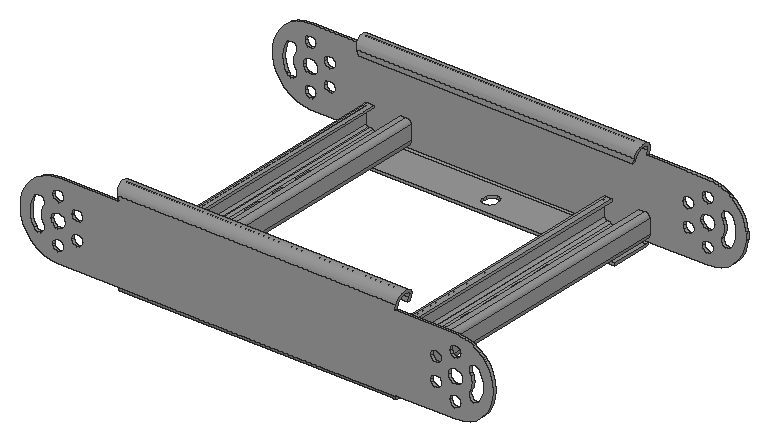
Revit family "Gelenkbogenelement - LGBE 620 FS", category Generic Models, Revit 2017 (continued)
Dimensions and locks
  aligned and locked: Extrusion 16 sketch curve to cut or joined group 1 (Extrusion 3, Extrusion 5, Extrusion 6, Extrusion 7, Extrusion 8, Extrusion 9, Extrusion 10, Extrusion 11, Extrusion 12, Extrusion 13, Extrusion 14, Extrusion 15, Extrusion 16, Extrusion 17, Extrusion 18, Extrusion 19, Extrusion 22, Extrusion 23, Extrusion 24, Extrusion 25)
  aligned and locked: Extrusion 3 to Extrusion 16
  aligned and locked: plane 7 to Extrusion 16
  aligned and locked: Extrusion 3 to Extrusion 17
  aligned and locked: Extrusion 17 to level
  aligned and locked: Extrusion 1 to Extrusion 18
  aligned and locked: plane 1 "Center (Front/Back)" to Extrusion 18
  aligned and locked: plane 1 "Center (Front/Back)" to Extrusion 19
  aligned and locked: Extrusion 1 to Extrusion 19
  aligned and locked: Extrusion 3 to Extrusion 22  (x2)
  aligned and locked: plane 7 to Extrusion 22
  aligned and locked: plane 89 to plane 92
  aligned and locked: Extrusion 3 to Extrusion 23  (x2)
  aligned and locked: plane 7 to Extrusion 23
  aligned and locked: plane 103 to plane 100
  aligned and locked: cut or joined group 1 to cut or joined group 1
  aligned and locked: Extrusion 11 to Extrusion 10
  aligned and locked: Extrusion 11 to Extrusion 12
  aligned and locked: Extrusion 14 to Extrusion 3
  aligned and locked: plane 7 to Extrusion 14
  aligned and locked: Extrusion 14 to Extrusion 13
  aligned and locked: Extrusion 10 to Extrusion 3
  aligned and locked: Extrusion 13 to plane 3 "Center (Left/Right)"
  aligned and locked: cut or joined group 1 to Extrusion 13
  aligned and locked: plane 5 to Extrusion 14
  aligned and locked: Extrusion 1 to Extrusion 13
  aligned and locked: Extrusion 14 to cut or joined group 2 (Extrusion 1, Extrusion 2, Extrusion 4, Extrusion 5, Extrusion 6, Extrusion 7, Extrusion 8, Extrusion 9, Extrusion 10, Extrusion 11, Extrusion 12, Extrusion 13, Extrusion 18, Extrusion 19, Extrusion 20, Extrusion 21)
  aligned and locked: Extrusion 13 to Extrusion 5
  aligned and locked: Extrusion 3 to level
  aligned and locked: Extrusion 3 to cut or joined group 1
  aligned and locked: Extrusion 15 to Extrusion 16
  aligned and locked: Extrusion 15 to Extrusion 3
  aligned and locked: Extrusion 15 to Extrusion 11
  aligned and locked: Extrusion 8 to Extrusion 18
  aligned and locked: Extrusion 1 to Extrusion 20  (x2)
  aligned and locked: Extrusion 7 to Extrusion 6
  aligned and locked: Extrusion 1 to Extrusion 7
  aligned and locked: Extrusion 13 to Extrusion 3
  aligned and locked: Extrusion 27 to plane 118
  aligned and locked: Extrusion 17 to plane 2
  aligned and locked: Extrusion 3 to Extrusion 11  (x2)
  aligned and locked: Extrusion 5 to Extrusion 4
  aligned and locked: Extrusion 2 to cut or joined group 1  (x2)
  aligned and locked: cut or joined group 1 to Extrusion 2
  aligned and locked: Extrusion 17 to cut or joined group 2  (x3)
  aligned and locked: cut or joined group 2 to Extrusion 17
  aligned and locked: Extrusion 26 to plane 124
  aligned and locked: plane 123 to Extrusion 26
  aligned and locked: Extrusion 27 to Extrusion 26
  aligned and locked: Extrusion 27 to plane 124
  aligned and locked: Extrusion 26 to Extrusion 27
  aligned and locked: plane 123 to Extrusion 27
  aligned and locked: Extrusion 12 to Extrusion 10
  aligned and locked: cut or joined group 1 to Extrusion 12
  aligned and locked: Extrusion 3 to Extrusion 25  (x2)
  aligned and locked: Extrusion 11 to Extrusion 25
  aligned and locked: Extrusion 25 to Extrusion 10
  aligned and locked: Extrusion 15 to Extrusion 23
  aligned and locked: Extrusion 6 to Extrusion 3
  aligned and locked: Extrusion 3 to Extrusion 10
  aligned and locked: cut or joined group 2 to Extrusion 3
  aligned and locked: Extrusion 3 to Extrusion 24  (x2)
  aligned and locked: Extrusion 15 to Extrusion 24
  aligned and locked: Extrusion 24 to Extrusion 12
  aligned and locked: Extrusion 15 to Extrusion 22
  aligned and locked: Extrusion 28 to cut or joined group 2
  aligned and locked: Extrusion 28 to Extrusion 26
  aligned and locked: Extrusion 29 to level
  aligned and locked: Extrusion 29 to Extrusion 26
  aligned and locked: Extrusion 30 to level
  aligned and locked: Extrusion 30 to Extrusion 26
  aligned and locked: cut or joined group 2 to Extrusion 31
  aligned and locked: Extrusion 26 to Extrusion 31
  aligned and locked: Extrusion 35 to level
  aligned and locked: plane 118 to Extrusion 35
  aligned and locked: Extrusion 36 to level
  aligned and locked: plane 118 to Extrusion 36
  aligned and locked: Extrusion 27 to Extrusion 36
  aligned and locked: Extrusion 37 to level
  aligned and locked: Extrusion 27 to Extrusion 37
  aligned and locked: Extrusion 40 to level
  aligned and locked: Extrusion 40 to Extrusion 27
  aligned and locked: cut or joined group 3 (Extrusion 27, Extrusion 35, Extrusion 36, Extrusion 37, Extrusion 38, Extrusion 39, Extrusion 40, Extrusion 41) to cut or joined group 3  (x11)
  aligned and locked: Extrusion 36 to cut or joined group 4 (Extrusion 26, Extrusion 28, Extrusion 29, Extrusion 30, Extrusion 31, Extrusion 32, Extrusion 33, Extrusion 34)
  aligned and locked: cut or joined group 4 to Extrusion 36
Automatic sketch dimensions
  Extrusion 30 sketch curve to Extrusion 30 sketch curve = 0.5 mm  (x4)
  Extrusion 31 sketch curve to Extrusion 31 sketch curve = 0.5 mm  (x4)
  Extrusion 30 sketch curve to Extrusion 30 sketch curve = 16.007 mm
  Extrusion 32 sketch curve to Extrusion 32 sketch curve = 0.5 mm  (x4)
  Extrusion 32 sketch curve to Extrusion 32 sketch curve = 16.007 mm
  Extrusion 31 sketch curve to Extrusion 31 sketch curve = 16.007 mm
  Extrusion 33 sketch curve to Extrusion 33 sketch curve = 0.5 mm  (x4)
  Extrusion 33 sketch curve to Extrusion 33 sketch curve = 16.007 mm
  Extrusion 34 sketch curve to Extrusion 34 sketch curve = 0.5 mm  (x4)
  Extrusion 34 sketch curve to Extrusion 34 sketch curve = 16.007 mm
  Extrusion 1 sketch curve to Extrusion 1 sketch curve = 0 mm  (x4)
  Extrusion 1 sketch curve to plane 1 "Center (Front/Back)" = 0 mm
  Extrusion 1 sketch curve to Extrusion 1 sketch curve = 1 mm
  Extrusion 2 sketch curve to Extrusion 2 sketch curve = 2 mm
  Extrusion 4 sketch curve to plane 16 = 0 mm  (x2)
  plane 16 to Extrusion 4 sketch curve = 2.444 mm
  Extrusion 4 sketch curve to plane 17 = 3.122 mm
  Extrusion 4 sketch curve to Extrusion 4 sketch curve = 0 mm
  Extrusion 5 sketch curve to plane 21 = 2.524 mm
  Extrusion 5 sketch curve to Extrusion 5 sketch curve = 9.136 mm
  Extrusion 6 sketch curve to level = 0 mm
  Extrusion 6 sketch curve to plane 5 = 0 mm
  plane 24 to Extrusion 6 sketch curve = 0.79 mm
  Extrusion 7 sketch curve to level = 0 mm
  Extrusion 7 sketch curve to plane 3 "Center (Left/Right)" = 0 mm
  Extrusion 7 sketch curve to plane 26 = 0.773 mm
  Extrusion 7 sketch curve to plane 26 = 0.002 mm
  Extrusion 8 sketch curve to plane 30 = 0 mm
  Extrusion 8 sketch curve to plane 31 = 0 mm
  Extrusion 8 sketch curve to plane 3 "Center (Left/Right)" = 1 mm
  Extrusion 8 sketch curve to plane 118 = 2.622 mm
  Extrusion 9 sketch curve to plane 32 = 0 mm
  plane 5 to Extrusion 9 sketch curve = 1 mm
  Extrusion 9 sketch curve to plane 118 = 2.622 mm
  Extrusion 9 sketch curve to Extrusion 9 sketch curve = 24 mm
  Extrusion 10 sketch curve to plane 5 = 0 mm
  Extrusion 10 sketch curve to level = 0 mm
  Extrusion 10 sketch curve to plane 33 = 0.601 mm
  Extrusion 11 sketch curve to plane 3 "Center (Left/Right)" = 0 mm
  plane 39 to Extrusion 11 sketch curve = 0.85 mm
  plane 39 to Extrusion 11 sketch curve = 0.079 mm
  Extrusion 12 sketch curve to plane 3 "Center (Left/Right)" = 0 mm
  Extrusion 12 sketch curve to level = 0 mm
  plane 3 "Center (Left/Right)" to Extrusion 12 sketch curve = 61.752 mm
  Extrusion 13 sketch curve to plane 3 "Center (Left/Right)" = 0 mm
  plane 42 to Extrusion 13 sketch curve = 2.524 mm
  Extrusion 14 sketch curve to plane 5 = 0 mm
  Extrusion 14 sketch curve to plane 49 = 2.041 mm
  plane 56 to Extrusion 15 sketch curve = 0.091 mm
  plane 5 to Extrusion 15 sketch curve = 1 mm
  Extrusion 15 sketch curve to plane 55 = 0.189 mm
  Extrusion 16 sketch curve to plane 3 "Center (Left/Right)" = 1.938 mm
  Extrusion 16 sketch curve to plane 59 = 0.069 mm
  plane 58 to Extrusion 16 sketch curve = 0.189 mm
  Extrusion 19 sketch curve to plane 65 = 0.088 mm
  Extrusion 19 sketch curve to plane 64 = 0.016 mm
  Extrusion 19 sketch curve to Extrusion 19 sketch curve = 0.745 mm
  plane 3 "Center (Left/Right)" to Extrusion 19 sketch curve = 11.911 mm
  plane 3 "Center (Left/Right)" to Extrusion 19 sketch curve = 11.876 mm
  Extrusion 19 sketch curve to plane 64 = 6.978 mm
  plane 64 to Extrusion 19 sketch curve = 0.179 mm
  Extrusion 19 sketch curve to plane 66 = 6.872 mm
  Extrusion 19 sketch curve to Extrusion 19 sketch curve = 3.032 mm
  Extrusion 19 sketch curve to Extrusion 19 sketch curve = 0 mm
  plane 77 to Extrusion 21 sketch curve = 0.088 mm
  plane 76 to Extrusion 21 sketch curve = 0.016 mm
  Extrusion 21 sketch curve to Extrusion 21 sketch curve = 0.745 mm
  plane 5 to Extrusion 21 sketch curve = 11.911 mm
  plane 5 to Extrusion 21 sketch curve = 11.876 mm
  plane 76 to Extrusion 21 sketch curve = 6.978 mm
  Extrusion 21 sketch curve to plane 76 = 0.179 mm
  plane 78 to Extrusion 21 sketch curve = 6.872 mm
  Extrusion 21 sketch curve to Extrusion 21 sketch curve = 3.032 mm
  Extrusion 21 sketch curve to Extrusion 21 sketch curve = 0 mm
  plane 89 to Extrusion 23 sketch curve = 0 mm  (x2)
  plane 88 to Extrusion 23 sketch curve = 0 mm
  Extrusion 23 sketch curve to plane 89 = 0 mm
  plane 90 to Extrusion 23 sketch curve = 0 mm  (x3)
  Extrusion 23 sketch curve to plane 87 = 0.024 mm
  Extrusion 23 sketch curve to plane 88 = 0.023 mm
  Extrusion 23 sketch curve to plane 93 = 6.966 mm
  Extrusion 23 sketch curve to plane 87 = 6.996 mm
  Extrusion 23 sketch curve to Extrusion 23 sketch curve = 3.034 mm
  Extrusion 23 sketch curve to Extrusion 23 sketch curve = 0 mm
  plane 100 to Extrusion 25 sketch curve = 0 mm  (x3)
  Extrusion 25 sketch curve to plane 99 = 0 mm
  Extrusion 25 sketch curve to plane 101 = 0 mm  (x3)
  plane 98 to Extrusion 25 sketch curve = 0.024 mm
  plane 99 to Extrusion 25 sketch curve = 0.023 mm
  plane 104 to Extrusion 25 sketch curve = 6.966 mm
  plane 98 to Extrusion 25 sketch curve = 6.996 mm
  Extrusion 25 sketch curve to Extrusion 25 sketch curve = 3.034 mm
  Extrusion 25 sketch curve to Extrusion 25 sketch curve = 0 mm
  Extrusion 26 sketch curve to Extrusion 26 sketch curve = 0 mm  (x16)
  plane 110 to Extrusion 26 sketch curve = 0.869 mm
  plane 114 to Extrusion 26 sketch curve = 1.307 mm
  Extrusion 26 sketch curve to plane 110 = 0.293 mm
  plane 111 to Extrusion 26 sketch curve = 0.246 mm  (x2)
  Extrusion 26 sketch curve to plane 111 = 1.254 mm
  level to Extrusion 26 sketch curve = 2.627 mm  (x2)
  plane 116 to Extrusion 26 sketch curve = 1.782 mm
  Extrusion 26 sketch curve to plane 116 = 0.432 mm
  level to Extrusion 26 sketch curve = 6.369 mm
  Extrusion 26 sketch curve to Extrusion 26 sketch curve = 1.5 mm
  Extrusion 26 sketch curve to Extrusion 26 sketch curve = 1.061 mm
  Extrusion 27 sketch curve to Extrusion 27 sketch curve = 0 mm  (x8)
  plane 118 to Extrusion 27 sketch curve = 0.872 mm
  plane 119 to Extrusion 27 sketch curve = 1.265 mm
  plane 119 to Extrusion 27 sketch curve = 0.36 mm
  Extrusion 27 sketch curve to plane 119 = 0.47 mm
  Extrusion 27 sketch curve to plane 119 = 1.5 mm  (x2)
  Extrusion 27 sketch curve to Extrusion 27 sketch curve = 1.5 mm
  Extrusion 27 sketch curve to plane 121 = 1.442 mm
  Extrusion 27 sketch curve to plane 121 = 0.456 mm
  Extrusion 27 sketch curve to Extrusion 27 sketch curve = 0.011 mm
  plane 117 to Extrusion 27 sketch curve = 3.809 mm
  Extrusion 27 sketch curve to Extrusion 27 sketch curve = 0.044 mm
  level to Extrusion 27 sketch curve = 3.789 mm
  plane 122 to Extrusion 27 sketch curve = 1.437 mm
  Extrusion 27 sketch curve to plane 120 = 0.351 mm
  plane 120 to Extrusion 27 sketch curve = 0.474 mm
  Extrusion 27 sketch curve to Extrusion 27 sketch curve = 1.024 mm
  plane 120 to Extrusion 27 sketch curve = 1.5 mm
  Extrusion 27 sketch curve to Extrusion 27 sketch curve = 0.001 mm  (x2)
  Extrusion 27 sketch curve to Extrusion 27 sketch curve = 1.148 mm
  Extrusion 27 sketch curve to Extrusion 27 sketch curve = 1.15 mm
  Extrusion 27 sketch curve to Extrusion 27 sketch curve = 0.005 mm
  Extrusion 27 sketch curve to plane 119 = 0.502 mm
  plane 118 to Extrusion 27 sketch curve = 0.858 mm
  plane 118 to Extrusion 27 sketch curve = 0.869 mm
  Extrusion 27 sketch curve to Extrusion 27 sketch curve = 0.01 mm
  Extrusion 37 sketch curve to Extrusion 37 sketch curve = 0.5 mm  (x3)
  Extrusion 37 sketch curve to Extrusion 37 sketch curve = 15.971 mm
  Extrusion 37 sketch curve to Extrusion 37 sketch curve = 0 mm
  Extrusion 38 sketch curve to Extrusion 38 sketch curve = 0.5 mm  (x3)
  Extrusion 38 sketch curve to Extrusion 38 sketch curve = 15.971 mm
  Extrusion 38 sketch curve to Extrusion 38 sketch curve = 0 mm
  Extrusion 39 sketch curve to Extrusion 39 sketch curve = 0.5 mm  (x3)
  Extrusion 39 sketch curve to Extrusion 39 sketch curve = 15.971 mm
  Extrusion 39 sketch curve to Extrusion 39 sketch curve = 0 mm
  Extrusion 39 sketch curve to plane 117 = 8.47 mm
  Extrusion 39 sketch curve to plane 8 = 45.5 mm
  Extrusion 40 sketch curve to Extrusion 40 sketch curve = 16.971 mm
  Extrusion 41 sketch curve to Extrusion 41 sketch curve = 16.971 mm
  Extrusion 3 sketch curve to Extrusion 3 sketch curve = 0 mm  (x2)
  Extrusion 3 sketch curve to plane 9 = 0 mm
  Extrusion 3 sketch curve to plane 107 = 0.978 mm
  radius of Extrusion 19 sketch curve = 3.502 mm
  radius of Extrusion 19 sketch curve = 3.504 mm
  radius of Extrusion 19 sketch curve = 3.521 mm
  radius of Extrusion 21 sketch curve = 3.502 mm
  radius of Extrusion 21 sketch curve = 3.504 mm
  radius of Extrusion 21 sketch curve = 3.521 mm
  radius of Extrusion 22 sketch curve = 4.5 mm
  radius of Extrusion 23 sketch curve = 3.47 mm
  radius of Extrusion 23 sketch curve = 3.481 mm
  radius of Extrusion 23 sketch curve = 3.495 mm
  radius of Extrusion 23 sketch curve = 3.465 mm
  radius of Extrusion 24 sketch curve = 4.5 mm
  radius of Extrusion 25 sketch curve = 3.47 mm
  radius of Extrusion 25 sketch curve = 3.481 mm
  radius of Extrusion 25 sketch curve = 3.495 mm
  radius of Extrusion 25 sketch curve = 3.465 mm
